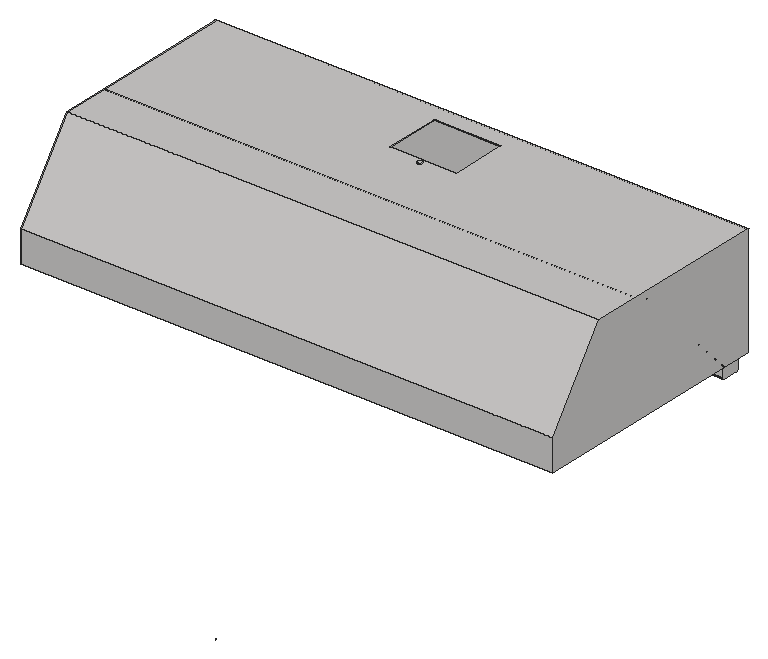
Revit family "QF_ZANUSSI_644223_ABPV1124BT", category Specialty Equipment, Revit 2023
Family settings
  Round Connector Dimension = Use Diameter
  Part Type = Normal
  Work Plane-Based = No
  Enable Cutting in Views = No
  Always vertical = Yes
  Cut with Voids When Loaded = No
  Maintain Annotation Orientation = No
  Shared = No
  Room Calculation Point = No
Parameters
  Weight = 74.00 kg
  Watts = 0 W
  Volts = 220 V
  URL Manufacturer = "http://www.zanussiprofessional.com"
  URL = "http://www.zanussiprofessional.com"
  Phase = 1
  Model = "ABPV1124BT"
  Manufacturer = "Zanussi"
  Length Actual = 2400 mm
  Item Number = "644223"
  Height Actual = 500 mm
  HP = "0.6 HP"
  Gas KW = 0
  Description = "430 S/S WALL HOOD+FILTER+FAN 2400X1100MM"
  Depth Actual = 1100 mm
  Default Elevation = 0 mm
  Cycle = 50 Hz
  Accessory = no
Reference planes
  plane 1 "Center (Front/Back)": y = 0
  plane 2: z = 0
  plane 3 "Center (Left/Right)": x = 150
  plane 4 "LEFT": x = -1050
  plane 5 "RIGHT": x = 1350
  plane 6 "BACK": y = 550
  plane 7 "FRONT": y = -550
  plane 8 "TOP": z = 2500
  plane 9 "Base": z = 2000
  plane 10: z = 1926
  plane 11 "DrainY": y = 485
  plane 12: x = -1047
  plane 13: through (0, 414.509, 2000.8) normal (0, 0.7314, 0.682)
  plane 14: y = 470
  plane 15: y = 220
  plane 16 "DrainX": x = 1230
  plane 17: x = 300
  plane 18: x = 0
  plane 19: x = 1347
  plane 20: x = 1140
  plane 21: x = 1320
  plane 22: x = -1010
  plane 23: x = -645
  plane 24: x = -450
  plane 25: x = 1310
  plane 26: x = 945
  plane 27: x = 750
  plane 28: x = -47.5
  plane 29: x = 347.5
  plane 30: z = 2140
  plane 31: y = -290
  plane 32: y = 200
Forms (mm)
  Extrusion 1, solid, material "QF_Finishes_Stainless Steel"
    sketch origin (-1050, 0, 360) x (0, 1, 0) y (0, 0, 1)
      loop
        line (550, 1640) -> (550, 2140) -> (-290, 2140) -> (-550, 1780) -> (-550, 1640) -> (550, 1640)
    from 0 to 3
  Extrusion 2, solid, material "QF_Finishes_Stainless Steel"
    sketch origin (150, 0, 360) x (0, 1, 0) y (0, 0, 1)
      loop
        line (415.255, 1640) -> (550, 1640) -> (550, 2139.19) -> (549.2, 2139.19) -> (549.2, 1640.8) -> (415.876, 1640.8) -> (339.347, 1722.867) -> (349.609, 1732.436) -> (348.927, 1733.167) -> (337.934, 1722.917) -> (415.255, 1640)
      loop
        line (-82.203, 2139.19) -> (-82.203, 2118.6) -> (-31.047, 2118.6) -> (34.354, 2048.466) -> (46.028, 2059.352) -> (45.346, 2060.083) -> (34.403, 2049.879) -> (-30.612, 2119.6) -> (-81.203, 2119.6) -> (-81.203, 2139.19) -> (-82.203, 2139.19)
    from -1197 to 1197
  Extrusion 3, solid, material "QF_Finishes_Stainless Steel"
    sketch origin (1350, 0, 360) x (0, 1, 0) y (0, 0, 1)
      loop
        line (550, 1640) -> (550, 2140) -> (-290, 2140) -> (-550, 1780) -> (-550, 1640) -> (550, 1640)
    from 0 to -3
  Extrusion 4, solid, material "QF_Finishes_Stainless Steel"
    sketch origin (150, 0, 360) x (0, 1, 0) y (0, 0, 1)
      loop
        line (-290, 2140) -> (-550, 1780) -> (-550, 1640) -> (-549.2, 1640) -> (-549.2, 1779.741) -> (-289.598, 2139.19) -> (550, 2139.19) -> (550, 2140) -> (-290, 2140)
    from -1200 to 1200
  Extrusion 5, solid, material "QF_Finishes_Stainless Steel"
    sketch origin (150, 0, 360) x (0, 1, 0) y (0, 0, 1)
      loop
        line (534, 1640) -> (436, 1640) -> (436, 1627) -> (443.5, 1627) -> (443.5, 1576)
        arc (443.5, 1576) -> (446.429, 1568.929) -> (453.5, 1566) r 10
        line (453.5, 1566) -> (516.5, 1566)
        arc (516.5, 1566) -> (523.571, 1568.929) -> (526.5, 1576) r 10
        line (526.5, 1576) -> (526.5, 1627) -> (534, 1627) -> (534, 1640)
    from 990 to 1170
  Extrusion 6, solid, material "QF_Finishes_Stainless Steel"
    sketch origin (0, 0, 2000) x (0, 1, 0) y (-1, 0, 0)
      loop
        circle (485, -1230) r 20
    from -76 to -74
  Extrusion 7, solid, material "QF_Finished_Chrome"
    sketch origin (150, 0, 360) x (0, 1, 0) y (0, 0, 1)
      loop
        line (337.934, 1722.917) -> (341.591, 1726.327) -> (38.011, 2051.876) -> (34.354, 2048.466) -> (337.934, 1722.917)
    from -795 to -1160
  Extrusion 8, solid, material "QF_Finished_Chrome"
    sketch origin (150, 0, 360) x (0, 1, 0) y (0, 0, 1)
      loop
        line (337.934, 1722.917) -> (341.591, 1726.327) -> (38.011, 2051.876) -> (34.354, 2048.466) -> (337.934, 1722.917)
    from -197.5 to -600
  Extrusion 9, solid, material "QF_Finishes_Stainless Steel"
    sketch origin (150, 0, 360) x (0, 1, 0) y (0, 0, 1)
      loop
        line (337.934, 1722.917) -> (341.591, 1726.327) -> (38.011, 2051.876) -> (34.354, 2048.466) -> (337.934, 1722.917)
    from 1197 to 1160
  Extrusion 10, solid, material "QF_Finishes_Stainless Steel"
    sketch origin (150, 0, 360) x (0, 1, 0) y (0, 0, 1)
      loop
        line (341.588, 1726.324) -> (38.009, 2051.874) -> (34.354, 2048.466) -> (337.934, 1722.917) -> (341.588, 1726.324)
    from -795 to -600
  Extrusion 11, solid, material "QF_Finished_Chrome"
    sketch origin (150, 0, 360) x (0, 1, 0) y (0, 0, 1)
      loop
        line (341.588, 1726.324) -> (38.009, 2051.874) -> (34.354, 2048.466) -> (337.934, 1722.917) -> (341.588, 1726.324)
    from 795 to 1160
  Extrusion 12, void
    sketch origin (0, 0, 2500) x (0, 1, 0) y (-1, 0, 0)
      loop
        line (470, 0) -> (220, 0) -> (220, -300) -> (470, -300) -> (470, 0)
    from 0 to -10
  Extrusion 13, solid, material "QF_Finishes_Stainless Steel"
    sketch origin (0, 0, 0) x (1, 0, 0) y (0, 1, 0)
      loop
        line (-1050, 550) -> (-1050, 549) -> (-1049, 549) -> (-1049, 550) -> (-1050, 550)
    from 0 to 1
  Extrusion 14, solid, material "QF_Finishes_Stainless Steel"
    sketch origin (150, 0, 360) x (0, 1, 0) y (0, 0, 1)
      loop
        line (337.934, 1722.917) -> (341.591, 1726.327) -> (38.011, 2051.876) -> (34.354, 2048.466) -> (337.934, 1722.917)
    from -1160 to -1197
  Extrusion 15, solid, material "QF_Finishes_Stainless Steel"
    sketch origin (150, 0, 360) x (0, 1, 0) y (0, 0, -1)
      loop
        line (341.588, -1726.324) -> (337.934, -1722.917) -> (34.354, -2048.466) -> (38.009, -2051.874) -> (341.588, -1726.324)
    from -795 to -600
  Extrusion 16, solid, material "QF_Finished_Chrome"
    sketch origin (150, 0, 360) x (0, 1, 0) y (0, 0, 1)
      loop
        line (337.934, 1722.917) -> (341.591, 1726.327) -> (38.011, 2051.876) -> (34.354, 2048.466) -> (337.934, 1722.917)
    from 600 to 197.5
  Extrusion 17, solid, material "QF_Finishes_Stainless Steel"
    sketch origin (150, 0, 360) x (0, 1, 0) y (0, 0, -1)
      loop
        line (341.588, -1726.324) -> (337.934, -1722.917) -> (34.354, -2048.466) -> (38.009, -2051.874) -> (341.588, -1726.324)
    from -197.5 to 197.5
  Extrusion 18, solid, material "QF_Finishes_Stainless Steel"
    sketch origin (0, 0, 2500) x (0, 1, 0) y (-1, 0, 0)
      loop
        circle (200, -150) r 10
    from 0 to 1.6
Cuts and joins
  Extrusion 12 cuts Extrusion 4
  joined: Extrusion 2, Extrusion 4
Lines and regions (mm)
  reference lines
    curve 1: line (150, 34.354, 2408.466) -> (150, 34.354, 2248.466)
  symbolic lines, style "SpecialityEquipment", detail levels coarse
    curve 2: line (1350, 550, 2500) -> (-1050, 550, 2500)
    curve 3: line (-1050, 550, 2500) -> (-1050, -550, 2500)
    curve 4: line (1350, -550, 2500) -> (1350, 550, 2500)
    curve 5: line (-1050, -550, 2500) -> (1350, -550, 2500)
    curve 6: line (0, 220, 2500) -> (300, 220, 2500)
    curve 7: line (0, 470, 2500) -> (0, 220, 2500)
    curve 8: line (300, 470, 2500) -> (0, 470, 2500)
    curve 9: line (300, 220, 2500) -> (300, 470, 2500)
    curve 10: line (1350, -289.598, 0) -> (-1050, -289.598, 0)
    curve 11: line (-1050, -289.598, 0) -> (1350, 550, 0)
    curve 12: line (-1050, 550, 0) -> (1350, -289.598, 0)
Dimensions and locks
  plane 4 "LEFT" to plane 5 "RIGHT" = 2400 mm
  equal spacing: plane 4 "LEFT", plane 3 "Center (Left/Right)", plane 5 "RIGHT"
  locked: plane 8 "TOP" to plane 9 "Base" at 500
  plane 9 "Base" to plane 10 = 74 mm
  plane 6 "BACK" to plane 11 "DrainY" = 65 mm  (x2)
  plane 4 "LEFT" to plane 12 = 3 mm
  plane 6 "BACK" to plane 14 = 80 mm
  plane 14 to plane 15 = 250 mm  (x2)
  plane 16 "DrainX" to plane 5 "RIGHT" = 120 mm
  plane 19 to plane 5 "RIGHT" = 3 mm
  locked: plane 20 to plane 16 "DrainX" at 90
  locked: plane 16 "DrainX" to plane 21 at 90
  plane 6 "BACK" to plane 7 "FRONT" = 1100 mm  (x2)
  equal spacing: plane 6 "BACK", plane 1 "Center (Front/Back)", plane 7 "FRONT"
  plane 15 to plane 7 "FRONT" = 770 mm
  plane 14 to plane 6 "BACK" = 80 mm
  locked: plane 4 "LEFT" to plane 22 at 40
  locked: plane 22 to plane 23 at 365
  locked: plane 23 to plane 24 at 195
  locked: plane 25 to plane 26 at 365
  locked: plane 26 to plane 27 at 195
  locked: plane 25 to plane 5 "RIGHT" at 40
  locked: plane 28 to plane 29 at 395
  equal spacing: plane 28, plane 3 "Center (Left/Right)", plane 29
  locked: plane 18 to plane 17 at 300
  equal spacing: plane 18, plane 3 "Center (Left/Right)", plane 17
  plane 24 to plane 28 = 402.5 mm
  plane 29 to plane 27 = 402.5 mm
  plane 30 to plane 9 "Base" = 140 mm
  plane 31 to plane 7 "FRONT" = 260 mm
  locked: plane 9 "Base" to level at 2000
  plane 15 to plane 32 = 20 mm
  aligned and locked: level to plane 2
  aligned and locked: Extrusion 2 to Extrusion 1
  aligned and locked: Extrusion 2 to Extrusion 3
  aligned and locked: plane 5 "RIGHT" to Extrusion 4
  aligned and locked: Extrusion 4 to plane 4 "LEFT"
  aligned and locked: plane 19 to Extrusion 9
  aligned and locked: plane 18 to Extrusion 12
  aligned and locked: Extrusion 12 to plane 17
  aligned and locked: Extrusion 12 to plane 15
  aligned and locked: Extrusion 12 to plane 14
  aligned and locked: Extrusion 2 to Extrusion 4
  aligned and locked: plane 21 to Extrusion 5
  aligned and locked: Extrusion 5 to plane 20
  aligned and locked: Extrusion 9 to plane 25
  aligned and locked: Extrusion 11 to plane 25
  aligned and locked: Extrusion 11 to plane 26
  aligned and locked: Extrusion 8 to plane 24
  aligned and locked: plane 24 to Extrusion 10
  aligned and locked: Extrusion 10 to plane 23
  aligned and locked: plane 23 to Extrusion 7
  aligned and locked: Extrusion 7 to plane 22
  aligned and locked: Extrusion 14 to plane 12
  aligned and locked: plane 22 to Extrusion 14
  aligned and locked: Extrusion 15 to plane 27
  aligned and locked: Extrusion 15 to plane 26
  aligned and locked: Extrusion 3 to plane 19
  aligned and locked: plane 28 to Extrusion 8
  aligned and locked: Extrusion 16 to plane 27
  aligned and locked: Extrusion 16 to plane 29
  aligned and locked: plane 29 to Extrusion 17
  aligned and locked: Extrusion 17 to plane 28
Automatic sketch dimensions
  curve 5 to plane 4 "LEFT" = 0 mm
  curve 5 to plane 7 "FRONT" = 0 mm
  curve 9 to plane 15 = 0 mm
  plane 14 to curve 8 = 0 mm
  curve 3 to plane 6 "BACK" = 0 mm
  curve 5 to plane 5 "RIGHT" = 0 mm
  curve 6 to plane 17 = 0 mm
  curve 6 to plane 18 = 0 mm
  Extrusion 2 sketch curve to plane 13 = 0 mm  (x3)
  Extrusion 2 sketch curve to plane 9 "Base" = 0 mm
  plane 13 to Extrusion 2 sketch curve = 0 mm
  Extrusion 2 sketch curve to plane 6 "BACK" = 0 mm
  Extrusion 2 sketch curve to Extrusion 2 sketch curve = 65.646 mm
  Extrusion 2 sketch curve to Extrusion 2 sketch curve = 0.682 mm  (x2)
  Extrusion 2 sketch curve to Extrusion 2 sketch curve = 10.261 mm
  plane 9 "Base" to Extrusion 2 sketch curve = 82.917 mm
  Extrusion 2 sketch curve to plane 1 "Center (Front/Back)" = 46.028 mm
  Extrusion 2 sketch curve to Extrusion 2 sketch curve = 10.942 mm
  Extrusion 2 sketch curve to Extrusion 2 sketch curve = 0.049 mm
  Extrusion 2 sketch curve to plane 8 "TOP" = 20.4 mm
  Extrusion 2 sketch curve to plane 8 "TOP" = 21.4 mm
  Extrusion 2 sketch curve to plane 8 "TOP" = 0.81 mm  (x2)
  Extrusion 2 sketch curve to Extrusion 2 sketch curve = 50.156 mm
  Extrusion 2 sketch curve to Extrusion 2 sketch curve = 1 mm
  plane 9 "Base" to Extrusion 2 sketch curve = 0.8 mm
  Extrusion 2 sketch curve to plane 6 "BACK" = 0.8 mm
  curve 1 to plane 13 = 0 mm
  curve 1 to plane 1 "Center (Front/Back)" = 34.354 mm
  Extrusion 5 sketch curve to plane 9 "Base" = 0 mm
  Extrusion 5 sketch curve to plane 10 = 0 mm
  Extrusion 5 sketch curve to plane 9 "Base" = 13 mm  (x2)
  plane 14 to Extrusion 5 sketch curve = 34 mm
  Extrusion 5 sketch curve to Extrusion 5 sketch curve = 7.5 mm  (x2)
  Extrusion 5 sketch curve to Extrusion 5 sketch curve = 10 mm
  plane 11 "DrainY" to Extrusion 5 sketch curve = 31.5 mm
  Extrusion 5 sketch curve to plane 6 "BACK" = 23.5 mm
  Extrusion 6 sketch curve to plane 11 "DrainY" = 0 mm
  Extrusion 6 sketch curve to plane 16 "DrainX" = 0 mm
  Extrusion 7 sketch curve to plane 13 = 0 mm  (x2)
  Extrusion 7 sketch curve to plane 1 "Center (Front/Back)" = 34.354 mm
  Extrusion 7 sketch curve to Extrusion 7 sketch curve = 3.657 mm
  plane 9 "Base" to Extrusion 7 sketch curve = 82.917 mm
  Extrusion 8 sketch curve to plane 13 = 0 mm  (x2)
  Extrusion 8 sketch curve to plane 1 "Center (Front/Back)" = 34.354 mm
  Extrusion 8 sketch curve to Extrusion 8 sketch curve = 3.657 mm
  plane 9 "Base" to Extrusion 8 sketch curve = 82.917 mm
  Extrusion 9 sketch curve to plane 13 = 0 mm  (x2)
  Extrusion 9 sketch curve to plane 1 "Center (Front/Back)" = 34.354 mm
  Extrusion 9 sketch curve to Extrusion 9 sketch curve = 3.657 mm
  plane 9 "Base" to Extrusion 9 sketch curve = 82.917 mm
  Extrusion 10 sketch curve to plane 13 = 0 mm  (x2)
  Extrusion 10 sketch curve to plane 1 "Center (Front/Back)" = 34.354 mm
  Extrusion 10 sketch curve to Extrusion 10 sketch curve = 3.655 mm
  plane 9 "Base" to Extrusion 10 sketch curve = 82.917 mm
  Extrusion 11 sketch curve to plane 13 = 0 mm  (x2)
  Extrusion 11 sketch curve to plane 1 "Center (Front/Back)" = 34.354 mm
  Extrusion 11 sketch curve to Extrusion 11 sketch curve = 3.655 mm
  plane 9 "Base" to Extrusion 11 sketch curve = 82.917 mm
  Extrusion 12 sketch curve to plane 15 = 0 mm
  plane 14 to Extrusion 12 sketch curve = 0 mm
  Extrusion 12 sketch curve to plane 17 = 0 mm
  Extrusion 12 sketch curve to plane 18 = 0 mm
  Extrusion 13 sketch curve to plane 4 "LEFT" = 0 mm
  Extrusion 13 sketch curve to plane 6 "BACK" = 0 mm
  plane 4 "LEFT" to Extrusion 13 sketch curve = 1 mm
  Extrusion 13 sketch curve to Extrusion 13 sketch curve = 1 mm
  Extrusion 14 sketch curve to plane 13 = 0 mm  (x2)
  Extrusion 14 sketch curve to plane 1 "Center (Front/Back)" = 34.354 mm
  Extrusion 14 sketch curve to Extrusion 14 sketch curve = 3.657 mm
  plane 9 "Base" to Extrusion 14 sketch curve = 82.917 mm
  Extrusion 15 sketch curve to plane 13 = 0 mm  (x2)
  Extrusion 15 sketch curve to plane 1 "Center (Front/Back)" = 34.354 mm
  Extrusion 15 sketch curve to Extrusion 15 sketch curve = 3.655 mm
  plane 9 "Base" to Extrusion 15 sketch curve = 82.917 mm
  Extrusion 16 sketch curve to plane 13 = 0 mm  (x2)
  Extrusion 16 sketch curve to plane 1 "Center (Front/Back)" = 34.354 mm
  Extrusion 16 sketch curve to Extrusion 16 sketch curve = 3.657 mm
  plane 9 "Base" to Extrusion 16 sketch curve = 82.917 mm
  Extrusion 17 sketch curve to plane 13 = 0 mm  (x2)
  Extrusion 17 sketch curve to plane 1 "Center (Front/Back)" = 34.354 mm
  Extrusion 17 sketch curve to Extrusion 17 sketch curve = 3.655 mm
  plane 9 "Base" to Extrusion 17 sketch curve = 82.917 mm
  curve 1 to curve 1 = 160 mm
  Extrusion 4 sketch curve to plane 7 "FRONT" = 0 mm
  Extrusion 4 sketch curve to plane 8 "TOP" = 0 mm
  Extrusion 4 sketch curve to plane 31 = 0 mm
  plane 31 to Extrusion 4 sketch curve = 0.402 mm
  Extrusion 4 sketch curve to plane 6 "BACK" = 0 mm
  Extrusion 4 sketch curve to plane 9 "Base" = 0 mm
  Extrusion 4 sketch curve to plane 30 = 0 mm
  Extrusion 4 sketch curve to plane 30 = 0.259 mm
  plane 7 "FRONT" to Extrusion 4 sketch curve = 0.8 mm
  Extrusion 4 sketch curve to Extrusion 4 sketch curve = 0.81 mm
  Extrusion 1 sketch curve to plane 7 "FRONT" = 0 mm
  Extrusion 1 sketch curve to plane 8 "TOP" = 0 mm
  Extrusion 1 sketch curve to plane 31 = 0 mm
  Extrusion 1 sketch curve to plane 6 "BACK" = 0 mm
  Extrusion 1 sketch curve to plane 9 "Base" = 0 mm
  Extrusion 1 sketch curve to plane 30 = 0 mm
  Extrusion 3 sketch curve to plane 7 "FRONT" = 0 mm
  Extrusion 3 sketch curve to plane 8 "TOP" = 0 mm
  Extrusion 3 sketch curve to plane 31 = 0 mm
  Extrusion 3 sketch curve to plane 6 "BACK" = 0 mm
  Extrusion 3 sketch curve to plane 9 "Base" = 0 mm
  Extrusion 3 sketch curve to plane 30 = 0 mm
  curve 10 to plane 4 "LEFT" = 0 mm
  curve 12 to plane 4 "LEFT" = 0 mm
  curve 11 to plane 5 "RIGHT" = 0 mm
  curve 10 to plane 5 "RIGHT" = 0 mm
  curve 12 to plane 6 "BACK" = 0 mm
  curve 11 to plane 6 "BACK" = 0 mm
  plane 31 to curve 11 = 0.402 mm
  Extrusion 18 sketch curve to plane 3 "Center (Left/Right)" = 0 mm
  plane 32 to Extrusion 18 sketch curve = 0 mm
  radius of Extrusion 6 sketch curve = 20 mm
  radius of Extrusion 18 sketch curve = 10 mm
Connectors
  piping at (1230, 485, 1924), diameter 20
    settings: on Extrusion 6, index 1, connector inside diameter 609.6 mm, connector length 0 mm, flow factor 0, pipe flow 0.0 L/s, pressure drop 0.0 Pa, fitting loss kfactor 0, connector angle 0.00°, fixture units 0, engagement length 0 mm, angle of deflection 0.00°, flow configuration 1, flow direction 2, fitting loss method 0, system type 16, joint type 0, gender type 0, connector reference index -1, connector utility 0, adjustable connector no, is connector primary yes, connector description "Drain"
  hvac at (150, 345, 2500)
    settings: on Extrusion 12, index 2, duct flow 0.0 L/s, flow factor 0, pres drop 0.0 Pa, loss coef 0, conn angle 0.00°, conn width 250 mm, conn height 300 mm, conn diameter 609.6 mm, duct sys type 3, conn prof type 1, flow config 1, flow direction 2, loss method 0, conn ref index -1, conn util no, is conn primary yes, conn desc "EXHAUST OUTLET"
  electrical at (150, 200, 2500)
    settings: on Extrusion 18, index 3, voltage 0 V, apparent load 0 VA, apparent load phase1 0 VA, apparent load phase2 0 VA, apparent load phase3 0 VA, power factor 1, load classification "Other", number of poles 1, system type 30, power factor state 1, is connector primary yes, connector utility no, sub classification motor no, connector description "Electrical Connection"
